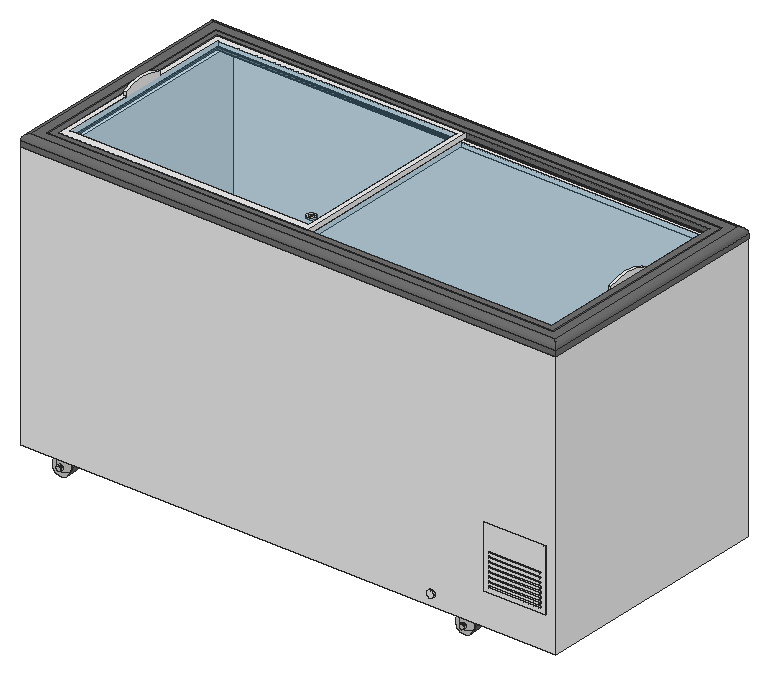
Revit family "Qf_Summit_NOVA53_17 Cu.Ft. Chest Freezer", category Specialty Equipment, Revit 2020
Family settings
  Round Connector Dimension = Use Diameter
  Part Type = Normal
  Work Plane-Based = No
  Always vertical = Yes
  Cut with Voids When Loaded = No
  Shared = No
  Room Calculation Point = No
Parameters
  Weight in Pounds = 150
  Watts = FL Amps * Volts  # 483 W
  Volts = 115 V
  URL Cutsheet = ""
  Specification by User = ""
  Specification by Manufacturer = ""
  Show Clearance [instance] = yes
  Serial Number = ""
  Seismic Rating = ""
  SMACNA No = ""
  Revision Code = ""
  Refrigerant Volume = 0.00 kip
  Refrigerant Type = "R290a"
  Phase = 1
  Number of Poles = 1
  NAFEM Spec ID Number = ""
  Model = "NOVA53"
  Min Ckt Ampacity = 0 A
  Max Overcurrent Protection = 0 A
  Masterspec = ""
  Manufacturer = "Summit"
  Length = 60 3/4"
  Item Number = ""
  Installed By = ""
  Identify Quantity as Lot = yes
  Height = 34 1/4"
  HP = ""
  Furnished By = ""
  Foodservice Equipment Identifier = yes
  FL Amps = 4.2 A
  Electrical Remarks = ""
  Electric Connection Type = ""
  Elec Conn RI Height = 0"
  Elec Conn Connection Height = 0"
  Description = "17 Cu.Ft. Chest Freezer"
  Depth = 27 1/4"
  Default Elevation = 0"
  Cycle = 60 Hz
  Conn Plug = ""
  Conn Conduit = yes
  CSI MasterFormat = ""
  Apparent Power = 828 VA
Reference planes (in)
  plane 1: z = 0
  plane 2 "LEFT": x = 0
  plane 3 "RIGHT": x = 60.75
  plane 4 "FRONT": y = -28
  plane 5 "TOP": z = 34.25
  plane 6 "Center Y": x = 30.375
  plane 7 "Center X": y = -14.375
  plane 8 "BACK": y = -0.75
  plane 9: z = 2.75
  plane 10: x = 0.75
  plane 11: x = 3.71343
  plane 12: x = 49.4375
  plane 13: x = 39.825
  plane 14: x = 31.95
  plane 15: x = 3.125
  plane 16: x = 57.625
  plane 17: z = 15.625
  plane 18: x = 49.75
  plane 19: z = 5.875
Forms (in)
  Sweep 1, solid, material "QF_Plastic_Dark_Grey"
    path origin (0, 0, 0) x (1, 0, 0) y (0, 1, 0)
      loop
        line (0, -0.75) -> (0, -28) -> (60.75, -28) -> (60.75, -0.75) -> (0, -0.75)
    profile origin (0, -14.375, 0) x (1, 0, 0) y (0, 0, 1)
      loop
        line (0, 33) -> (1.7, 33) -> (1.7, 34.25) -> (0.75, 34.25) -> (0.67874, 34.25)
        arc (0.67874, 34.25) -> (0.1988, 34.0512) -> (0, 33.57126) r 0.67874
        line (0, 33.57126) -> (0, 33)
  Extrusion 2, solid, material "QF_Metallic_Paint_White_Smooth"
    sketch origin (0, 0, 0) x (1, 0, 0) y (0, 1, 0)
      loop
        line (3.125, -27) -> (57.625, -27) -> (57.625, -1.75) -> (3.125, -1.75) -> (3.125, -27)
      loop
        line (60.75, -0.75) -> (0, -0.75) -> (0, -28) -> (60.75, -28) -> (60.75, -0.75)
    from 2.75 to 33
  Extrusion 3, solid, material "QF_Metallic_Paint_White_Smooth"
    sketch origin (0, 0, 0) x (1, 0, 0) y (0, 1, 0)
      loop
        line (2.4, -3.15) -> (2.4, -25.6) -> (30.625, -25.6) -> (30.625, -3.15) -> (2.4, -3.15)
      loop
        line (3.075, -3.8) -> (3.075, -24.8) -> (30.125, -24.8) -> (30.125, -3.8) -> (3.075, -3.8)
    from 33.70906 to 34.25
  Extrusion 4, solid, material "Glass"
    sketch origin (0, 0, 0) x (1, 0, 0) y (0, 1, 0)
      loop
        line (3.075, -3.8) -> (3.075, -24.8) -> (30.125, -24.8) -> (30.125, -3.8) -> (3.075, -3.8)
    from 33.63932 to 34.25
  Extrusion 5, solid, material "QF_Metallic_Paint_White_Smooth"
    sketch origin (0, -0.75, 0) x (1, 0, 0) y (0, 0, 1)
      loop
        line (1, 5.63) -> (1, 2.75) -> (59.75, 2.75) -> (59.75, 15.625) -> (49.75, 15.625) -> (49.75, 5.63) -> (1, 5.63)
    from 1 to 26.25
  Sweep 6, solid, material "QF_Plastic_Dark_Grey"
    path origin (30, 0, 34.27864) x (-1, 0, 0) y (0, -1, 0)
      loop
        line (27.7, 3.05) -> (27.7, 25.7) -> (-28.45, 25.7) -> (-28.45, 3.05) -> (27.7, 3.05)
    profile origin (30.375, -3.05, 34.27864) x (0, 1, 0) y (0, 0, 1)
      loop
        line (-0.1, -0.02864) -> (-0.1, -0.56958) -> (-0.33757, -0.56958) -> (-0.33757, -0.63932) -> (-0.1, -0.63932) -> (-0.1, -1.18026) -> (-0.33757, -1.18026) -> (-0.33757, -1.27864) -> (0.6, -1.27864) -> (0.6, -0.02864) -> (-0.1, -0.02864)
  Extrusion 7, solid, material "QF_Metallic_Paint_White_Smooth"
    sketch origin (30, 0, -0.61068) x (-1, 0, 0) y (0, -1, 0)
      loop
        line (-28.35, 3.15) -> (-0.125, 3.15) -> (-0.125, 25.6) -> (-28.35, 25.6) -> (-28.35, 3.15)
      loop
        line (-27.675, 3.8) -> (-0.625, 3.8) -> (-0.625, 24.8) -> (-27.675, 24.8) -> (-27.675, 3.8)
    from 33.70906 to 34.25
  Extrusion 8, solid, material "Glass"
    sketch origin (30, 0, -0.61068) x (-1, 0, 0) y (0, -1, 0)
      loop
        line (-27.675, 3.8) -> (-0.625, 3.8) -> (-0.625, 24.8) -> (-27.675, 24.8) -> (-27.675, 3.8)
    from 33.70906 to 34.25
  Extrusion 9, solid, material "QF_Metallic_Paint_White_Smooth"
    sketch origin (23.88, 0, 0) x (0, 1, 0) y (0, 0, 1)
      loop
        line (-16.73455, 34.25) -> (-12.01545, 34.25) -> (-12.01545, 34.75)
        arc (-12.01545, 34.75) -> (-14.375, 35.25) -> (-16.73455, 34.75) r 5.8175
        line (-16.73455, 34.75) -> (-16.73455, 34.25)
    from -21.11788 to -20.805
  Extrusion 10, solid, material "QF_Metallic_Paint_White_Smooth"
    sketch origin (6.12, 0, -0.61068) x (0, 1, 0) y (0, 0, -1)
      loop
        line (-16.73455, -34.25) -> (-16.73455, -34.75)
        arc (-16.73455, -34.75) -> (-14.375, -35.25) -> (-12.01545, -34.75) r 5.8175
        line (-12.01545, -34.75) -> (-12.01545, -34.25) -> (-16.73455, -34.25)
    from -51.86788 to -51.555
  Extrusion 11, solid, material "QF_Metallic_Paint_White_Smooth"
    sketch origin (0, -28, 0) x (1, 0, 0) y (0, 0, 1)
      loop
        line (52.625, 13.375) -> (52.625, 6.375) -> (59.625, 6.375) -> (59.625, 13.375) -> (52.625, 13.375)
      loop
        line (53.125, 10.625) -> (53.125, 10.375) -> (59.125, 10.375) -> (59.125, 10.625) -> (53.125, 10.625)
      loop
        line (59.125, 10.125) -> (53.125, 10.125) -> (53.125, 9.875) -> (59.125, 9.875) -> (59.125, 10.125)
      loop
        line (53.125, 9.625) -> (53.125, 9.375) -> (59.125, 9.375) -> (59.125, 9.625) -> (53.125, 9.625)
      loop
        line (59.125, 9.125) -> (53.125, 9.125) -> (53.125, 8.875) -> (59.125, 8.875) -> (59.125, 9.125)
      loop
        line (53.125, 8.625) -> (53.125, 8.375) -> (59.125, 8.375) -> (59.125, 8.625) -> (53.125, 8.625)
      loop
        line (59.125, 8.125) -> (53.125, 8.125) -> (53.125, 7.875) -> (59.125, 7.875) -> (59.125, 8.125)
      loop
        line (53.125, 7.625) -> (53.125, 7.375) -> (59.125, 7.375) -> (59.125, 7.625) -> (53.125, 7.625)
      loop
        line (59.125, 7.125) -> (53.125, 7.125) -> (53.125, 6.875) -> (59.125, 6.875) -> (59.125, 7.125)
    from 0 to 0.03125
  Extrusion 12, solid, material "QF_Metallic_Paint_White_Smooth"
    sketch origin (0, -0.75, 0) x (1, 0, 0) y (0, 0, 1)
      loop
        circle (57.75, 5.375) r 0.25
    from 0 to -0.23344
  Extrusion 13, solid, material "QF_Metallic_Paint_White_Smooth"
    sketch origin (0, -28, 0) x (1, 0, 0) y (0, 0, 1)
      loop
        circle (46.625, 4) r 0.40028
    from 0 to 0.15886
  Extrusion 14, solid, material "QF_Metal - Stainless - Polished"
    sketch origin (0.07561, 0.09001, 34.25) x (1, 0, 0) y (0, 1, 0)
      loop
        circle (29.29939, -23.52751) r 0.5
      loop
        circle (29.29939, -23.52751) r 0.25
      loop
        arc (29.33064, -23.57767) -> (29.29939, -23.46841) -> (29.26814, -23.57767) r 0.0591
        line (29.26814, -23.57767) -> (29.26814, -23.72445)
        arc (29.26814, -23.72445) -> (29.29939, -23.7557) -> (29.33064, -23.72445) r 0.03125
        line (29.33064, -23.72445) -> (29.33064, -23.57767)
    from 0.04239 to -0.05358
Cuts and joins
  joined: Extrusion 2, Extrusion 5, Extrusion 11, Extrusion 12
  joined: Extrusion 3, Extrusion 9
  joined: Extrusion 7, Extrusion 10
Lines and regions (in)
  Split face 1
    outline origin (52.625, -28.03125, 13.375) x (-1, 0, 0) y (0, 0, -1)
      loop
        arc (-2, 1.7125) -> (-2.02929, 1.78321) -> (-2.1, 1.8125) r 0.1
        line (-2.1, 1.8125) -> (-4.9, 1.8125)
        arc (-4.9, 1.8125) -> (-4.97071, 1.78321) -> (-5, 1.7125) r 0.1
        line (-5, 1.7125) -> (-5, 0.6)
        arc (-5, 0.6) -> (-4.97071, 0.52929) -> (-4.9, 0.5) r 0.1
        line (-4.9, 0.5) -> (-2.1, 0.5)
        arc (-2.1, 0.5) -> (-2.02929, 0.52929) -> (-2, 0.6) r 0.1
        line (-2, 0.6) -> (-2, 1.7125)
  Split face 2
    outline origin (52.625, -28.03125, 13.375) x (-1, 0, 0) y (0, 0, -1)
      loop
        line (-2.625, 0.6875) -> (-2.625, 1.375) -> (-4.374, 1.375) -> (-4.374, 0.6875) -> (-2.625, 0.6875)
  Split face 3
    outline origin (52.625, -28.03125, 13.375) x (-1, 0, 0) y (0, 0, -1)
      loop
        arc (-2.4061, 0.67406) -> (-2.3125, 0.54855) -> (-2.2189, 0.67406) r 0.09766
        arc (-2.2189, 0.67406) -> (-2.24545, 0.75668) -> (-2.26367, 0.84152) r 0.87424
        line (-2.26367, 0.84152) -> (-2.26974, 0.93917) -> (-2.35526, 0.93917) -> (-2.36133, 0.84152)
        arc (-2.36133, 0.84152) -> (-2.37955, 0.75668) -> (-2.4061, 0.67406) r 0.87424
  Split face 4
    outline origin (52.625, -28.03125, 13.375) x (-1, 0, 0) y (0, 0, -1)
      loop
        line (-4.59026, 0.82885) -> (-4.6875, 0.81322) -> (-4.78474, 0.82885) -> (-4.6875, 0.66041) -> (-4.59026, 0.82885)
  Split face 5
    outline origin (52.625, -28.03125, 13.375) x (-1, 0, 0) y (0, 0, -1)
      loop
        line (-4.6875, 1.09273) -> (-4.59026, 1.07711) -> (-4.6875, 1.24554) -> (-4.78474, 1.07711) -> (-4.6875, 1.09273)
  Split face 6
    outline origin (52.625, -28.03125, 13.375) x (-1, 0, 0) y (0, 0, -1)
      loop
        arc (-4.67187, 1.54954) -> (-4.6875, 1.73573) -> (-4.70312, 1.54954) r 0.09375
        line (-4.70312, 1.54954) -> (-4.70312, 1.48913) -> (-4.67187, 1.48913) -> (-4.67187, 1.54954)
  symbolic lines
    curve 1: line (0, -0.75, 0) -> (60.75, -0.75, 0)
    curve 2: line (0, -28, 0) -> (0, -0.75, 0)
    curve 3: line (60.75, -28, 0) -> (0, -28, 0)
    curve 4: line (60.75, -0.75, 0) -> (60.75, -28, 0)
    curve 5: line (1.7, -26.3, 0) -> (59.05, -26.3, 0)
    curve 6: line (1.7, -2.45, 0) -> (1.7, -26.3, 0)
    curve 7: line (59.05, -2.45, 0) -> (1.7, -2.45, 0)
    curve 8: line (59.05, -26.3, 0) -> (59.05, -2.45, 0)
    curve 9: line (57.675, -3.8, 0) -> (30.625, -3.8, 0)
    curve 10: line (3.075, -3.8, 0) -> (3.075, -24.8, 0)
    curve 11: line (3.075, -24.8, 0) -> (30.125, -24.8, 0)
    curve 12: line (57.675, -24.8, 0) -> (57.675, -3.8, 0)
    curve 13: line (30.625, -25.6, 0) -> (30.625, -3.15, 0)
    curve 14: line (30.125, -24.8, 0) -> (30.125, -3.8, 0)
    curve 15: line (2.4, -3.15, 0) -> (2.4, -25.6, 0)
    curve 16: line (2.4, -25.6, 0) -> (58.35, -25.6, 0)
    curve 17: line (58.35, -25.6, 0) -> (58.35, -3.15, 0)
    curve 18: line (58.35, -3.15, 0) -> (2.4, -3.15, 0)
    curve 19: arc (29.875, -23.4375, 0) -> (29.375, -22.9375, 0) -> (28.875, -23.4375, 0) r 0.5
    curve 20: arc (29.125, -23.4375, 0) -> (29.375, -23.1875, 0) -> (29.625, -23.4375, 0) r 0.25
    curve 21: arc (28.875, -23.4375, 0) -> (29.375, -23.9375, 0) -> (29.875, -23.4375, 0) r 0.5
    curve 22: arc (29.625, -23.4375, 0) -> (29.375, -23.6875, 0) -> (29.125, -23.4375, 0) r 0.25
    curve 23: line (29.34375, -23.48766, 0) -> (29.34375, -23.63444, 0)
    curve 24: arc (29.34375, -23.63444, 0) -> (29.375, -23.66569, 0) -> (29.40625, -23.63444, 0) r 0.03125
    curve 25: line (29.40625, -23.63444, 0) -> (29.40625, -23.48766, 0)
    curve 26: arc (29.40625, -23.48766, 0) -> (29.375, -23.3784, 0) -> (29.34375, -23.48766, 0) r 0.0591
    curve 27: line (57.98788, -16.73455, 0) -> (57.98788, -12.01545, 0)
    curve 28: line (57.98788, -12.01545, 0) -> (57.675, -12.01545, 0)
    curve 29: line (57.675, -12.01545, 0) -> (57.675, -16.73455, 0)
    curve 30: line (57.675, -16.73455, 0) -> (57.98788, -16.73455, 0)
    curve 31: line (2.76212, -12.01545, 0) -> (2.76212, -16.73455, 0)
    curve 32: line (2.76212, -16.73455, 0) -> (3.075, -16.73455, 0)
    curve 33: line (3.075, -16.73455, 0) -> (3.075, -12.01545, 0)
    curve 34: line (3.075, -12.01545, 0) -> (2.76212, -12.01545, 0)
    curve 35: line (1, -27, 0) -> (1, -1.75, 0)
    curve 36: line (1, -1.75, 0) -> (59.75, -1.75, 0)
    curve 37: line (59.75, -1.75, 0) -> (59.75, -27, 0)
    curve 38: line (59.75, -27, 0) -> (1, -27, 0)
    curve 39: line (30.125, -3.8, 0) -> (3.075, -3.8, 0)
    curve 40: line (30.625, -24.8, 0) -> (57.675, -24.8, 0)
    curve 41: line (49.75, -3.8, 0) -> (49.75, -24.8, 0)
Dimensions and locks (in)
  equal spacing: plane 2 "LEFT", plane 6 "Center Y", plane 3 "RIGHT"
  "Length": plane 2 "LEFT" to plane 3 "RIGHT"
  equal spacing: plane 4 "FRONT", plane 7 "Center X", plane 8 "BACK"
  "Height": plane 5 "TOP" to level
  plane 3 "RIGHT" to plane 2 "LEFT" = 60 3/4"
  plane 5 "TOP" to level = 34 1/4"  (x2)
  "Depth": plane 4 "FRONT" to plane 8 "BACK"
  plane 9 to level = 2 3/4"
  locked: plane 11 to plane 2 "LEFT" at 3.71343
  locked: plane 3 "RIGHT" to plane 12 at 11.3125
  curve 39 to curve 11 = 21"
  plane 5 "TOP" to cut or joined group of Extrusion 2, Extrusion 5, Extrusion 11, Extrusion 12 = 31 1/2"
  Extrusion 2 sketch curve to plane 3 "RIGHT" = 3 1/8"
  plane 13 to Extrusion 5 sketch curve = 9.925"
  locked: Extrusion 5 sketch curve to plane 3 "RIGHT" at 1
  locked: Sweep 6 sketch curve to plane 3 "RIGHT" at 2.3
  Extrusion 3 sketch curve to plane 6 "Center Y" to Extrusion 3 sketch curve = 1/4" locked, 1/4" locked
  cut or joined group of Extrusion 7, Extrusion 10 to cut or joined group of Extrusion 7, Extrusion 10 to cut or joined group of Extrusion 7, Extrusion 10 to plane 3 "RIGHT" = 0" locked, 0.31288", 2.76212"
  plane 15 to plane 16 = 54 1/2"
  plane 19 to level = 5 7/8"
  plane 17 to plane 19 = 9 3/4"
  plane 16 to plane 18 = 7 7/8"
  aligned and locked: level to plane 1
  aligned and locked: nested 1 to plane 11
  aligned and locked: nested 2 to plane 11
  aligned and locked: nested 3 to plane 12
  aligned and locked: nested 4 to plane 12
  aligned and locked: Extrusion 3 to Extrusion 4  (x3)
  aligned and locked: Extrusion 8 to Extrusion 7  (x3)
  aligned and locked: Extrusion 2 sketch curve to plane 3 "RIGHT"
  aligned and locked: Sweep 1 sketch curve to plane 3 "RIGHT"
  aligned and locked: cut or joined group of Extrusion 7, Extrusion 10 to cut or joined group of Extrusion 7, Extrusion 10
  aligned and locked: cut or joined group of Extrusion 2, Extrusion 5, Extrusion 11, Extrusion 12 to plane 18
  aligned and locked: plane 17 to cut or joined group of Extrusion 2, Extrusion 5, Extrusion 11, Extrusion 12
  aligned and locked: cut or joined group of Extrusion 2, Extrusion 5, Extrusion 11, Extrusion 12 to plane 16
  aligned and locked: cut or joined group of Extrusion 2, Extrusion 5, Extrusion 11, Extrusion 12 to plane 15
Automatic sketch dimensions
  Extrusion 9 sketch curve to plane 5 "TOP" = 0"
  Extrusion 9 sketch curve to plane 7 "Center X" = 0"
  Extrusion 9 sketch curve to plane 7 "Center X" = 2.35955"
  plane 5 "TOP" to Extrusion 9 sketch curve = 1/2"
  plane 7 "Center X" to Extrusion 9 sketch curve = 2.35955"
  Extrusion 9 sketch curve to plane 5 "TOP" = 4.8175"
  Extrusion 10 sketch curve to plane 5 "TOP" = 0.61068"
  Extrusion 10 sketch curve to plane 7 "Center X" = 0"
  Extrusion 10 sketch curve to plane 7 "Center X" = 2.35955"
  Extrusion 10 sketch curve to plane 5 "TOP" = 0.11068"
  plane 7 "Center X" to Extrusion 10 sketch curve = 2.35955"
  Extrusion 10 sketch curve to plane 5 "TOP" = 5.42818"
  Sweep 1 sketch curve to plane 2 "LEFT" = 0"
  plane 4 "FRONT" to Sweep 1 sketch curve = 0"
  plane 8 "BACK" to Sweep 1 sketch curve = 0"
  profile plane to Sweep 1 sketch curve = 0"
  plane 10 to Sweep 1 sketch curve = 0"
  Sweep 1 sketch curve to Sweep 1 sketch curve = 0.07126"
  Sweep 1 sketch curve to plane 10 = 0.95"
  level to Sweep 1 sketch curve = 33"
  Sweep 1 sketch curve to Sweep 1 sketch curve = 0.57126"
  Extrusion 2 sketch curve to plane 2 "LEFT" = 0"
  Extrusion 2 sketch curve to plane 15 = 0"
  plane 4 "FRONT" to Extrusion 2 sketch curve = 0"
  plane 8 "BACK" to Extrusion 2 sketch curve = 0"
  Extrusion 2 sketch curve to plane 4 "FRONT" = 1"
  plane 8 "BACK" to Extrusion 2 sketch curve = 1"
  plane 15 to Extrusion 3 sketch curve = 0.05"
  plane 15 to Extrusion 3 sketch curve = 0.725"
  Extrusion 3 sketch curve to plane 4 "FRONT" = 2.4"
  Extrusion 3 sketch curve to Extrusion 3 sketch curve = 0.8"
  plane 8 "BACK" to Extrusion 3 sketch curve = 3.05"
  Extrusion 3 sketch curve to Extrusion 3 sketch curve = 0.65"
  plane 15 to Extrusion 4 sketch curve = 0.05"
  Extrusion 4 sketch curve to plane 6 "Center Y" = 1/4"
  Extrusion 4 sketch curve to plane 4 "FRONT" = 3.2"
  plane 8 "BACK" to Extrusion 4 sketch curve = 3.05"
  Extrusion 5 sketch curve to plane 9 = 0"
  Extrusion 5 sketch curve to plane 17 = 0"
  Extrusion 5 sketch curve to plane 19 = 0.245"
  plane 2 "LEFT" to Extrusion 5 sketch curve = 1"
  plane 15 to Sweep 6 sketch curve = 0.825"
  plane 8 "BACK" to Sweep 6 sketch curve = 2.3"
  Sweep 6 sketch curve to plane 4 "FRONT" = 2.3"
  profile plane to Sweep 6 sketch curve = 0.33757"  (x2)
  profile plane to Sweep 6 sketch curve = 0.1"
  Sweep 6 sketch curve to Sweep 6 sketch curve = 0"
  Sweep 6 sketch curve to profile plane = 0.02864"
  Sweep 6 sketch curve to profile plane = 0.6"
  Sweep 6 sketch curve to profile plane = 0.56958"
  Sweep 6 sketch curve to Sweep 6 sketch curve = 0.06974"
  Sweep 6 sketch curve to Sweep 6 sketch curve = 0.54094"
  Sweep 6 sketch curve to Sweep 6 sketch curve = 0.09838"
  Extrusion 7 sketch curve to plane 16 = 0.725"
  Extrusion 7 sketch curve to plane 16 = 0.05"
  Extrusion 7 sketch curve to plane 6 "Center Y" = 1/4"
  plane 6 "Center Y" to Extrusion 7 sketch curve = 1/4"
  plane 4 "FRONT" to Extrusion 7 sketch curve = 2.4"
  Extrusion 7 sketch curve to Extrusion 7 sketch curve = 0.8"
  Extrusion 7 sketch curve to plane 8 "BACK" = 3.05"
  Extrusion 7 sketch curve to Extrusion 7 sketch curve = 0.65"
  Extrusion 8 sketch curve to plane 16 = 0.05"
  Extrusion 8 sketch curve to plane 6 "Center Y" = 1/4"
  plane 4 "FRONT" to Extrusion 8 sketch curve = 3.2"
  Extrusion 8 sketch curve to plane 8 "BACK" = 3.05"
  plane 19 to Extrusion 11 sketch curve = 1/2"
  Extrusion 11 sketch curve to Extrusion 11 sketch curve = 1/2"  (x4)
  Extrusion 11 sketch curve to Extrusion 11 sketch curve = 0"  (x13)
  plane 16 to Extrusion 11 sketch curve = 1 1/2"
  Extrusion 11 sketch curve to Extrusion 11 sketch curve = 1/4"  (x15)
  Extrusion 11 sketch curve to plane 17 = 2 1/4"
  cut or joined group of Extrusion 2, Extrusion 5, Extrusion 11, Extrusion 12 to Split face 1 sketch curve = 1 1/2"
  Split face 1 sketch curve to Split face 1 sketch curve = 0.1"  (x3)
  Split face 1 sketch curve to cut or joined group of Extrusion 2, Extrusion 5, Extrusion 11, Extrusion 12 = 0.6"
  cut or joined group of Extrusion 2, Extrusion 5, Extrusion 11, Extrusion 12 to Split face 1 sketch curve = 1.6"
  Split face 1 sketch curve to Split face 1 sketch curve = 0"
  Split face 1 sketch curve to cut or joined group of Extrusion 2, Extrusion 5, Extrusion 11, Extrusion 12 = 1.0375"
  Split face 2 sketch curve to cut or joined group of Extrusion 2, Extrusion 5, Extrusion 11, Extrusion 12 = 11/16"
  cut or joined group of Extrusion 2, Extrusion 5, Extrusion 11, Extrusion 12 to Split face 2 sketch curve = 2.126"
  Split face 2 sketch curve to Split face 2 sketch curve = 1.749"
  Split face 2 sketch curve to Split face 2 sketch curve = 11/16"
  Split face 3 sketch curve to cut or joined group of Extrusion 2, Extrusion 5, Extrusion 11, Extrusion 12 = 0.98248"
  cut or joined group of Extrusion 2, Extrusion 5, Extrusion 11, Extrusion 12 to Split face 3 sketch curve = 2.72413"
  Split face 3 sketch curve to cut or joined group of Extrusion 2, Extrusion 5, Extrusion 11, Extrusion 12 = 0.84152"  (x2)
  Split face 3 sketch curve to Split face 3 sketch curve = 0.8628"
  Split face 3 sketch curve to Split face 3 sketch curve = 0.00606"
  Split face 3 sketch curve to Split face 3 sketch curve = 0.04883"
  Split face 3 sketch curve to Split face 3 sketch curve = 0.08553"
  Split face 3 sketch curve to Split face 3 sketch curve = 25/256"  (x2)
  Split face 3 sketch curve to Split face 3 sketch curve = 0.86886"
  Split face 3 sketch curve to Split face 3 sketch curve = 25/128"
  Split face 3 sketch curve to Split face 3 sketch curve = 0.04331"
  Split face 3 sketch curve to Split face 3 sketch curve = 0.0936"
  Split face 4 sketch curve to cut or joined group of Extrusion 2, Extrusion 5, Extrusion 11, Extrusion 12 = 0.82885"  (x2)
  cut or joined group of Extrusion 2, Extrusion 5, Extrusion 11, Extrusion 12 to Split face 4 sketch curve = 1.71526"
  Split face 4 sketch curve to cut or joined group of Extrusion 2, Extrusion 5, Extrusion 11, Extrusion 12 = 0.66041"
  Split face 4 sketch curve to Split face 4 sketch curve = 0.09724"  (x3)
  Split face 4 sketch curve to cut or joined group of Extrusion 2, Extrusion 5, Extrusion 11, Extrusion 12 = 0.81322"
  cut or joined group of Extrusion 2, Extrusion 5, Extrusion 11, Extrusion 12 to Split face 5 sketch curve = 1.71526"
  Split face 5 sketch curve to Split face 5 sketch curve = 0.09724"  (x2)
  Split face 5 sketch curve to Split face 5 sketch curve = 0"  (x2)
  Split face 5 sketch curve to cut or joined group of Extrusion 2, Extrusion 5, Extrusion 11, Extrusion 12 = 1.07711"
  Split face 5 sketch curve to Split face 5 sketch curve = 1/64"
  Split face 5 sketch curve to Split face 5 sketch curve = 0.15281"
  cut or joined group of Extrusion 2, Extrusion 5, Extrusion 11, Extrusion 12 to Split face 6 sketch curve = 1 51/64"
  Split face 6 sketch curve to Split face 6 sketch curve = 1/64"
  Split face 6 sketch curve to Split face 6 sketch curve = 1/32"
  Split face 6 sketch curve to cut or joined group of Extrusion 2, Extrusion 5, Extrusion 11, Extrusion 12 = 1.26087"
  Split face 6 sketch curve to Split face 6 sketch curve = 0.06041"
  Split face 6 sketch curve to Split face 6 sketch curve = 0.09244"
  plane 16 to Extrusion 12 sketch curve = 1/8"
  Extrusion 12 sketch curve to plane 19 = 1/2"
  Extrusion 13 sketch curve to plane 9 = 1 1/4"
  Extrusion 13 sketch curve to plane 12 = 2 13/16"
  Extrusion 14 sketch curve to Extrusion 14 sketch curve = 0"  (x6)
  Extrusion 14 sketch curve to Extrusion 4 = 25/32"
  Extrusion 14 sketch curve to Extrusion 14 sketch curve = 1/32"  (x2)
  Extrusion 14 sketch curve to Extrusion 4 = 1.16556"
  Extrusion 14 sketch curve to Extrusion 14 sketch curve = 0.14678"
  Extrusion 14 sketch curve to Extrusion 14 sketch curve = 0.05016"
  plane 18 to Extrusion 11 sketch curve = 3 3/8"
  curve 19 to curve 20 = 0"
  curve 19 to curve 22 = 0"
  curve 19 to curve 26 = 0"
  curve 22 to curve 26 = 0"
  curve 3 to plane 2 "LEFT" = 0"
  curve 41 to plane 18 = 0"
  curve 1 to plane 3 "RIGHT" = 0"
  plane 4 "FRONT" to curve 4 = 0"
  plane 8 "BACK" to curve 1 = 0"
  plane 2 "LEFT" to curve 38 = 1"
  curve 35 to curve 7 = 0.7"
  plane 15 to curve 15 = 0.725"
  plane 15 to curve 32 = 0.36288"
  plane 15 to curve 10 = 0.05"
  plane 15 to curve 33 = 0.05"
  curve 23 to plane 6 "Center Y" = 1 1/32"
  curve 26 to curve 19 = 1/32"
  curve 23 to curve 24 = 1/32"
  curve 14 to plane 6 "Center Y" = 1/4"
  plane 16 to curve 12 = 0.05"
  plane 16 to curve 28 = 0.05"
  curve 29 to curve 27 = 0.31288"
  plane 16 to curve 17 = 0.725"
  curve 16 to curve 5 = 0.7"
  curve 5 to curve 37 = 0.7"
  curve 35 to plane 4 "FRONT" = 1"
  curve 37 to curve 5 = 0.7"
  curve 5 to curve 17 = 0.7"
  curve 15 to curve 10 = 0.8"
  curve 16 to curve 12 = 0.8"
  curve 11 to curve 25 = 1.16556"
  curve 23 to curve 23 = 0.14678"
  curve 26 to curve 26 = 0.05016"
  curve 31 to plane 7 "Center X" = 2.35955"
  curve 29 to plane 7 "Center X" = 2.35955"
  plane 7 "Center X" to curve 34 = 2.35955"
  plane 7 "Center X" to curve 27 = 2.35955"
  plane 8 "BACK" to curve 9 = 3.05"
  curve 9 to curve 17 = 0.65"
  curve 17 to curve 8 = 0.7"
  curve 7 to curve 37 = 0.7"
  curve 19 to curve 23 = 15/32"
  curve 20 to curve 23 = 7/32"
  plane 6 "Center Y" to curve 9 = 1/4"
  radius of Extrusion 12 sketch curve = 1/4"
  radius of Extrusion 13 sketch curve = 0.40028"
  radius of Extrusion 14 sketch curve = 1/2"
  radius of Extrusion 14 sketch curve = 1/4"
Nested families (in)
  nested 1: "2-34 INCHES_CASTER" at (3.71343, -25.875, 0) x (0, -1, 0) z (0, 0, 1), type "2-34 INCHES_CASTER"
    with Type Mark "", Specification by User "", Show 4.25" Casters yes, Right Lock yes, Revision Code "", Left Lock yes, Item Number "", Installed By "", Identify Quantity as Lot yes, Furnished By "", Foodservice Equipment Identifier yes
  nested 2: "2-34 INCHES_CASTER" at (3.71343, -2.875, 0) x (0, -1, 0) z (0, 0, 1), type "2-34 INCHES_CASTER"
    with Type Mark "", Specification by User "", Show 4.25" Casters yes, Right Lock yes, Revision Code "", Left Lock yes, Item Number "", Installed By "", Identify Quantity as Lot yes, Furnished By "", Foodservice Equipment Identifier yes
  nested 3: "2-34 INCHES_CASTER" at (49.4375, -25.875, 0) x (0, -1, 0) z (0, 0, 1), type "2-34 INCHES_CASTER"
    with Type Mark "", Specification by User "", Show 4.25" Casters yes, Right Lock yes, Revision Code "", Left Lock yes, Item Number "", Installed By "", Identify Quantity as Lot yes, Furnished By "", Foodservice Equipment Identifier yes
  nested 4: "2-34 INCHES_CASTER" at (49.4375, -2.875, 0) x (0, -1, 0) z (0, 0, 1), type "2-34 INCHES_CASTER"
    with Type Mark "", Specification by User "", Show 4.25" Casters yes, Right Lock yes, Revision Code "", Left Lock yes, Item Number "", Installed By "", Identify Quantity as Lot yes, Furnished By "", Foodservice Equipment Identifier yes
Connectors (in)
  electrical at (57.75, -0.51656, 5.375)
    settings: on cut or joined group of Extrusion 2, Extrusion 5, Extrusion 11, Extrusion 12, index 1, voltage 0 V, apparent load 0 VA, apparent load phase1 0 VA, apparent load phase2 0 VA, apparent load phase3 0 VA, power factor 1, load classification "Other", number of poles 1, system type 31, power factor state 1, is connector primary yes, connector utility no, sub classification motor no, connector description "Electrical Inlet"
  piping at (46.625, -28.15886, 4), diameter 0.75
    settings: on Extrusion 13, index 2, connector inside diameter 24", connector length 0", flow factor 0, pipe flow 0 GPM, pressure drop 0.00 psi, fitting loss kfactor 0, connector angle 0.00°, fixture units 0, engagement length 0", angle of deflection 0.00°, flow configuration 1, flow direction 2, fitting loss method 0, system type 16, joint type 0, gender type 0, connector reference index -1, connector utility 0, adjustable connector no, is connector primary yes, connector description "Drain"
Definition of nested family "2-34 INCHES_CASTER"
  Parameters (values of type "2-34 INCHES_CASTER")
    Weight = ""
    URL Manufacturer = ""
    URL Cutsheet = ""
    URL = ""
    Type Mark [instance] = ""
    Specification by User [instance] = ""
    Specification by Manufacturer = ""
    Show 4.25" Casters [instance] = yes
    Serial Number = ""
    Seismic Rating = ""
    SMACNA No = ""
    Right Lock [instance] = yes
    Revision Code [instance] = ""
    Omniclass Number and Title = ""
    NAFEM Spec ID Number = ""
    Model = ""
    MasterSpec. = ""
    Manufacturer = ""
    Left Lock [instance] = yes
    Item Number [instance] = ""
    Installed By [instance] = ""
    Identify Quantity as Lot [instance] = yes
    Furnished By [instance] = ""
    Foodservice Equipment Identifier [instance] = yes
    Description = ""
    Default Elevation = 0"
    CSI MasterFormat = ""
    CSI Master Format = ""
    Assembly Code = ""
  Reference planes (in)
    plane 1: z = 0
    plane 2 "RIGHT": x = 0
    plane 3 "FRONT": y = 0
    plane 4 "TOP": z = 2.74
    plane 5: z = 2.74
  Forms (in)
    Extrusion 1, solid, visible <- "Show 4.25" Casters"
      sketch origin (-0.60795, -3.50665, 0) x (0, 1, 0) y (0, 0, 1)
        loop
          arc (4.4375, 2.09375) -> (4.42835, 2.11585) -> (4.40625, 2.125) r 0.03125
          line (4.40625, 2.125) -> (4.34375, 2.125)
          arc (4.34375, 2.125) -> (4.32165, 2.13415) -> (4.3125, 2.15625) r 0.03125
          line (4.3125, 2.15625) -> (4.3125, 2.59375)
          arc (4.3125, 2.59375) -> (4.32165, 2.61585) -> (4.34375, 2.625) r 0.03125
          line (4.34375, 2.625) -> (4.625, 2.625) -> (4.625, 2.75) -> (2.625, 2.75) -> (2.625, 2.625) -> (2.90625, 2.625)
          arc (2.90625, 2.625) -> (2.92835, 2.61585) -> (2.9375, 2.59375) r 0.03125
          line (2.9375, 2.59375) -> (2.9375, 2.15625)
          arc (2.9375, 2.15625) -> (2.92835, 2.13415) -> (2.90625, 2.125) r 0.03125
          line (2.90625, 2.125) -> (2.84375, 2.125)
          arc (2.84375, 2.125) -> (2.82165, 2.11585) -> (2.8125, 2.09375) r 0.03125
          line (2.8125, 2.09375) -> (2.8125, 0.75)
          arc (2.8125, 0.75) -> (2.84911, 0.66161) -> (2.9375, 0.625) r 0.125
          line (2.9375, 0.625) -> (3.3125, 0.625) -> (4.35203, 0.97151)
          arc (4.35203, 0.97151) -> (4.41391, 1.01701) -> (4.4375, 1.09009) r 0.125
          line (4.4375, 1.09009) -> (4.4375, 2.09375)
      from 0 to -0.09291
    Extrusion 2, solid, visible <- "Show 4.25" Casters"
      sketch origin (-0.60795, -3.50665, 0) x (0, 1, 0) y (0, 0, 1)
        loop
          line (4.625, 2.75) -> (2.625, 2.75) -> (2.625, 2.625) -> (4.625, 2.625) -> (4.625, 2.75)
      from 0 to 1.2159
    Extrusion 3, solid, visible <- "Show 4.25" Casters"
      sketch origin (-0.60795, -3.50665, 0) x (0, 1, 0) y (0, 0, 1)
        loop
          line (3.46896, 1.1625) -> (3.1875, 1.325) -> (2.90604, 1.1625) -> (2.90604, 0.8375) -> (3.1875, 0.675) -> (3.46896, 0.8375) -> (3.46896, 1.1625)
      from -0.27106 to -0.09291
    Extrusion 4, solid, visible <- "Show 4.25" Casters"
      sketch origin (-0.60795, -3.50665, 0) x (0, 1, 0) y (0, 0, 1)
        loop
          circle (3.1875, 1) r 0.28146
      from -0.31535 to 1.53554
    Extrusion 5, solid, visible <- "Show 4.25" Casters"
      sketch origin (-0.60795, -3.50665, 0) x (0, 1, 0) y (0, 0, 1)
        loop
          circle (3.1875, 1) r 1
      from 0.03554 to 1.18465
    Extrusion 6, solid, visible <- "Show 4.25" Casters"
      sketch origin (-0.60795, -3.50665, 0) x (0, 1, 0) y (0, 0, 1)
        loop
          line (2.90625, 2.125) -> (2.84375, 2.125)
          arc (2.84375, 2.125) -> (2.82165, 2.11585) -> (2.8125, 2.09375) r 0.03125
          line (2.8125, 2.09375) -> (4.4375, 2.09375)
          arc (4.4375, 2.09375) -> (4.42835, 2.11585) -> (4.40625, 2.125) r 0.03125
          line (4.40625, 2.125) -> (4.34375, 2.125)
          arc (4.34375, 2.125) -> (4.32165, 2.13415) -> (4.3125, 2.15625) r 0.03125
          line (4.3125, 2.15625) -> (4.3125, 2.59375)
          arc (4.3125, 2.59375) -> (4.32165, 2.61585) -> (4.34375, 2.625) r 0.03125
          line (4.34375, 2.625) -> (2.90625, 2.625)
          arc (2.90625, 2.625) -> (2.92835, 2.61585) -> (2.9375, 2.59375) r 0.03125
          line (2.9375, 2.59375) -> (2.9375, 2.15625)
          arc (2.9375, 2.15625) -> (2.92835, 2.13415) -> (2.90625, 2.125) r 0.03125
      from 0 to 1.2159
    Extrusion 7, solid, visible <- "Show 4.25" Casters"
      sketch origin (0.60795, -3.50665, 0) x (0, 1, 0) y (0, 0, -1)
        loop
          line (4.4375, -2.09375) -> (4.4375, -1.09009)
          arc (4.4375, -1.09009) -> (4.41391, -1.01701) -> (4.35203, -0.97151) r 0.125
          line (4.35203, -0.97151) -> (3.3125, -0.625) -> (2.9375, -0.625)
          arc (2.9375, -0.625) -> (2.84911, -0.66161) -> (2.8125, -0.75) r 0.125
          line (2.8125, -0.75) -> (2.8125, -2.09375)
          arc (2.8125, -2.09375) -> (2.82165, -2.11585) -> (2.84375, -2.125) r 0.03125
          line (2.84375, -2.125) -> (2.90625, -2.125)
          arc (2.90625, -2.125) -> (2.92835, -2.13415) -> (2.9375, -2.15625) r 0.03125
          line (2.9375, -2.15625) -> (2.9375, -2.59375)
          arc (2.9375, -2.59375) -> (2.92835, -2.61585) -> (2.90625, -2.625) r 0.03125
          line (2.90625, -2.625) -> (2.625, -2.625) -> (2.625, -2.75) -> (4.625, -2.75) -> (4.625, -2.625) -> (4.34375, -2.625)
          arc (4.34375, -2.625) -> (4.32165, -2.61585) -> (4.3125, -2.59375) r 0.03125
          line (4.3125, -2.59375) -> (4.3125, -2.15625)
          arc (4.3125, -2.15625) -> (4.32165, -2.13415) -> (4.34375, -2.125) r 0.03125
          line (4.34375, -2.125) -> (4.40625, -2.125)
          arc (4.40625, -2.125) -> (4.42835, -2.11585) -> (4.4375, -2.09375) r 0.03125
      from 0 to -0.09291
    Extrusion 8, solid, visible <- "Show 4.25" Casters"
      sketch origin (0.60795, -3.50665, 0) x (0, 1, 0) y (0, 0, -1)
        loop
          line (3.46896, -1.1625) -> (3.46896, -0.8375) -> (3.1875, -0.675) -> (2.90604, -0.8375) -> (2.90604, -1.1625) -> (3.1875, -1.325) -> (3.46896, -1.1625)
      from -0.27106 to -0.09291
  Cuts and joins
    joined: Extrusion 1, Extrusion 2, Extrusion 3, Extrusion 4, Extrusion 5, Extrusion 6, Extrusion 7, Extrusion 8
  Lines and regions (in)
    symbolic lines, visible <- "Show 4.25" Casters"
      curve 1: line (0.28481, 1.83041, 0) -> (1.24556, 1.27572, 0)
      curve 2: line (-1.26206, -0.84886, 0) -> (0.28481, 1.83041, 0)
      curve 3: line (-0.30132, -1.40355, 0) -> (-1.26206, -0.84886, 0)
      curve 4: line (1.24556, 1.27572, 0) -> (-0.30132, -1.40355, 0)
  Dimensions and locks (in)
    plane 4 "TOP" to level = 2.74"  (x2)
    aligned and locked: level to plane 1
    aligned and locked: Extrusion 6 to Extrusion 7
    aligned and locked: Extrusion 2 to Extrusion 7
